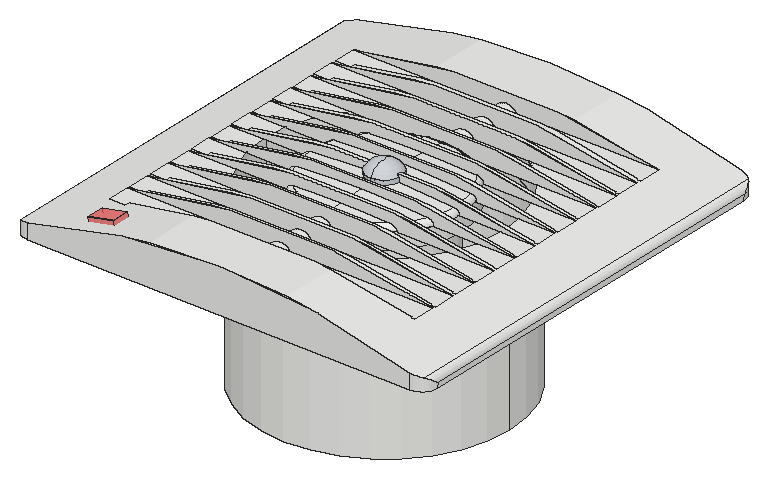
Revit family "NA100", category Mechanical Equipment, Revit 2015
Parameters (values of type "NA100T-12")
  Width = 160 mm
  Weight = 0.42 kg
  Voltage = if(Electrical Phase = 3, 400 V, 230 V)  # 230 V
  Unit Description = "12V Wall Mounted Fan Unit with Run on Timer"
  Spigot Diameter = 100 mm
  Revit Family Last Revised = "31/10/18"  # constant formula
  Quote/Order Location Reference [instance] = ""
  PIR = yes
  OmniClass Title = "Axial Fans"  # constant formula
  OmniClass Number = "23-33 31 19 11"  # constant formula
  Number of Connection Poles = 2
  Nuaire Quote/Order Reference [instance] = ""
  Nuaire Model Code = "NA100T-12"
  Nominal Motor Rating = 11 W
  Manufacturer Name = "Nuaire"  # constant formula
  IFCExportAs = "IfcFanType"  # constant formula
  I&M Manual = "http://www.nuaire.info/iandm/671420.pdf"
  Height = 160 mm
  Full Load Current = 0.1 A
  External Static Pressure [instance] = 0.0 Pa
  Electrical Phase = 1
  Model Drawn by = "Michael Grote"  # constant formula
  Maximum Ambient Temperature = 40 °C
  Depth = 17 mm
  Classification.Uniclass.Pr.Number = "Pr_65_67_29_05"  # constant formula
  Classification.Uniclass.Pr.Description = "Axial flow fans"  # constant formula
  Catalogue Pages = "http://www.nuaire.info/catalogue/Slimaire.pdf"
  Apparent Load = Voltage * Full Load Current  # 23 VA
  URL = "http://www.nuaire.co.uk"
  Warranty Period = "3 Years"
  Weatherproof or Internal Only = "Internal"
  Manufacturer = Manufacturer Name  # "Nuaire"
  Description = Unit Description  # "12V Wall Mounted Fan Unit with Run on Timer"
  Air Flow [instance] = 0.0 L/s
  Address = "Western Industrial Estate, Caerphilly, UK"  # constant formula
  Postcode = "CF83 1NA"  # constant formula
  Telephone Number = "+44(0)2920-858-200"  # constant formula
  Fax Number = "+44(0)2920-858-222"  # constant formula
  Email Address = "info@nuaire.co.uk"  # constant formula
  VAT Registration Number = "877308"  # constant formula
  Model = Nuaire Model Code  # "NA100T-12"
  Spigot Radius = Spigot Diameter / 2  # 50 mm
Types (8, lengths in mm): name | Unit Description | PIR | Number of Connection Poles | Nuaire Model Code | Description | Model
  (no name) | "12V Wall Mounted Fan Unit with Run on Timer" | yes | 2 | "NA100T-12" | "12V Wall Mounted Fan Unit with Run on Timer" | "NA100T-12"
  NA100 | "Wall Mounted Fan Unit" | no | 1 | "NA100" | "Wall Mounted Fan Unit" | "NA100"
  NA100-12 | "12V Wall Mounted Fan Unit" | no | 1 | "NA100-12" | "12V Wall Mounted Fan Unit" | "NA100-12"
  NA100HT | "Wall Mounted Fan Unit with Humidistat and Run on Timer" | no | 1 | "NA100HT" | "Wall Mounted Fan Unit with Humidistat and Run on Timer" | "NA100HT"
  NA100PC | "Wall Mounted Fan Unit with Pull Cord" | no | 1 | "NA100PC" | "Wall Mounted Fan Unit with Pull Cord" | "NA100PC"
  NA100PIR | "Wall Mounted Fan Unit with Integral PIR" | yes | 1 | "NA100PIR" | "Wall Mounted Fan Unit with Integral PIR" | "NA100PIR"
  NA100T | "Wall Mounted Fan Unit with Run on Timer" | yes | 1 | "NA100T" | "Wall Mounted Fan Unit with Run on Timer" | "NA100T"
  NA100T-12 | "12V Wall Mounted Fan Unit with Run on Timer" | yes | 2 | "NA100T-12" | "12V Wall Mounted Fan Unit with Run on Timer" | "NA100T-12"
Reference planes
  plane 1 "Center (Front/Back)": y = 0
  plane 2: z = 0
  plane 3 "Center (Left/Right)": x = 0
  plane 4: x = 80
  plane 5: x = -80
  plane 6: y = 80
  plane 7: y = -80
  plane 8: z = 17
Forms (mm)
  Extrusion 1, solid, material "White Plastic"
    sketch origin (0, 0, 0) x (1, 0, 0) y (0, 1, 0)
      loop
        line (74, 80) -> (-74, 80)
        arc (-74, 80) -> (-78.243, 78.243) -> (-80, 74) r 6
        line (-80, 74) -> (-80, -74)
        arc (-80, -74) -> (-78.243, -78.243) -> (-74, -80) r 6
        line (-74, -80) -> (74, -80)
        arc (74, -80) -> (78.243, -78.243) -> (80, -74) r 6
        line (80, -74) -> (80, 74)
        arc (80, 74) -> (78.243, 78.243) -> (74, 80) r 6
    from 0 to 17
  Extrusion 2, void
    sketch origin (0, 0, 0) x (1, 0, 0) y (0, 0, 1)
      loop
        arc (-77.925, 4.683) -> (0, 17) -> (77.925, 4.683) r 252.654
        arc (77.925, 4.683) -> (79.427, 3.593) -> (80, 1.829) r 3
        line (80, 1.829) -> (82.344, 1.829) -> (82.344, 18.567) -> (-82.656, 18.567) -> (-82.656, 1.829) -> (-80, 1.829)
        arc (-80, 1.829) -> (-79.427, 3.593) -> (-77.925, 4.683) r 3
    from -83.709 to 82.439
  Extrusion 3, void
    sketch origin (0, 0, 0) x (0, 1, 0) y (0, 0, 1)
      loop
        line (59, 10) -> (59, 18.774) -> (50.375, 18.774) -> (50.375, 10) -> (59, 10)
      loop
        line (48.375, 10) -> (48.375, 18.774) -> (39.75, 18.774) -> (39.75, 10) -> (48.375, 10)
      loop
        line (38.5, 10) -> (38.5, 18.774) -> (29.875, 18.774) -> (29.875, 10) -> (38.5, 10)
      loop
        line (28.625, 10) -> (28.625, 18.774) -> (20, 18.774) -> (20, 10) -> (28.625, 10)
      loop
        line (18.75, 10) -> (18.75, 18.774) -> (10.125, 18.774) -> (10.125, 10) -> (18.75, 10)
      loop
        line (8.875, 10) -> (8.875, 18.774) -> (0.25, 18.774) -> (0.25, 10) -> (8.875, 10)
      loop
        line (-1, 10) -> (-1, 18.774) -> (-9.625, 18.774) -> (-9.625, 10) -> (-1, 10)
      loop
        line (-10.875, 10) -> (-10.875, 18.774) -> (-19.5, 18.774) -> (-19.5, 10) -> (-10.875, 10)
      loop
        line (-20.75, 10) -> (-20.75, 18.774) -> (-29.375, 18.774) -> (-29.375, 10) -> (-20.75, 10)
      loop
        line (-30.625, 10) -> (-30.625, 18.774) -> (-39.25, 18.774) -> (-39.25, 10) -> (-30.625, 10)
      loop
        line (-40.5, 10) -> (-40.5, 18.774) -> (-49.125, 18.774) -> (-49.125, 10) -> (-40.5, 10)
      loop
        line (-50.375, 10) -> (-50.375, 18.774) -> (-59, 18.774) -> (-59, 10) -> (-50.375, 10)
    from -60.807 to 61.316
  Revolve 4, solid, material "White Plastic"
    sketch origin (0, 0, 0) x (0, 1, 0) y (0, 0, 1)
      loop
        arc (27.989, 12.256) -> (14.022, 13.563) -> (0, 13.948) r 212.744
        line (0, 13.948) -> (0, 4) -> (29.875, 4) -> (29.875, 10.115)
        arc (29.875, 10.115) -> (29.336, 11.541) -> (27.989, 12.256) r 2.158
      axis (0, 13.948) -> (0, 4)
    angle from 0 to 360
  Extrusion 5, void
    sketch origin (0, 0, 0) x (1, 0, 0) y (0, 1, 0)
      loop
        circle (0, 0) r 46
    from -58 to 10
  Revolve 6, solid, visible <- "PIR"
    sketch origin (0, 0, 0) x (0, 1, 0) y (0, 0, 1)
      loop
        arc (6.5, 15) -> (3.814, 17.913) -> (0, 18.99) r 7.289
        line (0, 18.99) -> (0, 12.808) -> (6.5, 12.808) -> (6.5, 15)
      axis (0, 18.99) -> (0, 12.808)
    angle from 0 to 360
  Extrusion 7, solid, material "White Plastic"
    sketch origin (0, 0, 0) x (1, 0, 0) y (0, 1, 0)
      loop
        circle (0, 0) r 23.419
    from -44.556 to 4
  Extrusion 8, solid, material "White Plastic"
    sketch origin (0, 0, 0) x (1, 0, 0) y (0, 1, 0)
      loop
        circle (0, 0) r 48.5
      loop
        circle (0, 0) r 46.913
    from -58 to 0
  Extrusion 9, solid, material "White Plastic"
    sketch origin (0, 0, -2.058) x (1, 0, 0) y (0, 0, 1)
      loop
        circle (0, 10) r 4.32
    from -59 to 59
  Extrusion 10, solid, material "Red Plastic"
    sketch origin (1.257, 0, 10.081) x (0.978148, 0, 0.207912) y (0, 1, 0)
      loop
        line (-56, -66) -> (-56, -73) -> (-46, -73) -> (-46, -66) -> (-56, -66)
    from 10 to 12.808
Cuts and joins
  Extrusion 2, Extrusion 3, Extrusion 5 cuts Extrusion 1
Dimensions and locks
  equal spacing: plane 5, plane 3 "Center (Left/Right)", plane 4
  "Width": plane 5 to plane 4
  equal spacing: plane 6, plane 1 "Center (Front/Back)", plane 7
  "Height": plane 6 to plane 7
  "Depth": plane 8 to plane 2
  aligned and locked: level to plane 2
Automatic sketch dimensions
  Extrusion 1 sketch curve to plane 5 = 0 mm
  Extrusion 1 sketch curve to plane 6 = 0 mm
  plane 7 to Extrusion 1 sketch curve = 0 mm
  Extrusion 1 sketch curve to plane 4 = 0 mm
  Extrusion 1 sketch curve to plane 7 = 6 mm
  Extrusion 1 sketch curve to plane 5 = 6 mm  (x2)
  Extrusion 1 sketch curve to plane 4 = 6 mm
  plane 5 to Extrusion 2 sketch curve = 0 mm
  Extrusion 2 sketch curve to plane 4 = 0 mm
  level to Extrusion 2 sketch curve = 1.829 mm  (x2)
  Extrusion 2 sketch curve to plane 3 "Center (Left/Right)" = 0 mm
  plane 5 to Extrusion 2 sketch curve = 2.656 mm
  plane 4 to Extrusion 2 sketch curve = 2.344 mm
  Extrusion 2 sketch curve to plane 5 = 2.075 mm
  Extrusion 2 sketch curve to Extrusion 2 sketch curve = 0 mm
  Extrusion 2 sketch curve to Extrusion 2 sketch curve = 3 mm  (x2)
  plane 8 to Extrusion 2 sketch curve = 1.567 mm
  Extrusion 3 sketch curve to plane 8 = 7 mm  (x2)
  Extrusion 3 sketch curve to plane 7 = 21 mm
  plane 8 to Extrusion 3 sketch curve = 1.774 mm  (x11)
  Extrusion 3 sketch curve to Extrusion 3 sketch curve = 8.625 mm  (x11)
  Extrusion 3 sketch curve to Extrusion 3 sketch curve = 1.25 mm  (x9)
  plane 1 "Center (Front/Back)" to Extrusion 3 sketch curve = 1 mm
  Extrusion 3 sketch curve to plane 1 "Center (Front/Back)" = 0.25 mm
  Extrusion 3 sketch curve to Extrusion 3 sketch curve = 2 mm
  Extrusion 3 sketch curve to Extrusion 3 sketch curve = 0 mm  (x11)
  Revolve 4 sketch curve to plane 1 "Center (Front/Back)" = 0 mm  (x2)
  level to Revolve 4 sketch curve = 4 mm
  Revolve 4 sketch curve to plane 1 "Center (Front/Back)" = 29.875 mm
  Revolve 4 sketch curve to plane 1 "Center (Front/Back)" = 1.184 mm
  Revolve 4 sketch curve to Revolve 4 sketch curve = 2.158 mm
  Revolve 4 sketch curve to Revolve 4 sketch curve = 0.272 mm
  Revolve 4 sketch curve to Revolve 4 sketch curve = 0 mm
  Revolve 4 sketch curve to Revolve 4 sketch curve = 6.115 mm
  Revolve 4 sketch curve to level = 2.557 mm
  plane 8 to Revolve 4 sketch curve = 3.831 mm
  plane 1 "Center (Front/Back)" to Extrusion 5 sketch curve = 0 mm
  Extrusion 5 sketch curve to plane 3 "Center (Left/Right)" = 0 mm
  Revolve 6 sketch curve to plane 1 "Center (Front/Back)" = 0 mm  (x2)
  Revolve 6 sketch curve to plane 8 = 4.192 mm
  Revolve 6 sketch curve to plane 1 "Center (Front/Back)" = 6.5 mm
  Revolve 6 sketch curve to plane 8 = 2 mm
  plane 8 to Revolve 6 sketch curve = 1.99 mm
  Revolve 6 sketch curve to Revolve 6 sketch curve = 2.56 mm
  Revolve 6 sketch curve to Revolve 6 sketch curve = 2.115 mm
  plane 1 "Center (Front/Back)" to Extrusion 7 sketch curve = 0 mm
  Extrusion 7 sketch curve to plane 3 "Center (Left/Right)" = 0 mm
  Extrusion 9 sketch curve to plane 3 "Center (Left/Right)" = 0 mm
  level to Extrusion 9 sketch curve = 7.942 mm
  Extrusion 10 sketch curve to plane 7 = 7 mm
  Extrusion 10 sketch curve to plane 7 = 14 mm
  Extrusion 10 sketch curve to Extrusion 10 sketch curve = 10 mm
  Extrusion 8 sketch curve to Extrusion 8 sketch curve = 0 mm  (x2)
  plane 1 "Center (Front/Back)" to Extrusion 8 sketch curve = 0 mm
  Extrusion 8 sketch curve to plane 3 "Center (Left/Right)" = 0 mm
  radius of Extrusion 5 sketch curve = 46 mm
  radius of Extrusion 7 sketch curve = 23.419 mm
  radius of Extrusion 9 sketch curve = 4.32 mm
  radius of Extrusion 8 sketch curve = 48.5 mm
  radius of Extrusion 8 sketch curve = 46.913 mm
Nested families
  nested 1: "label_nuaire_logo" at (38.355, -70.008, 14.215) x (0.9884, 0, -0.1517) z (0.1517, 0, 0.9884), type "label_nuaire_logo"
    with Scale Factor 62.988 mm, Actual Scale 22.046 mm
Connectors
  hvac at (0, 0, -58), driven by "Spigot Radius", driven by "Air Flow"
    settings: on Extrusion 8, index 1, duct flow 0.0 L/s, flow factor 0, pres drop 0.0 Pa, loss coef 0, conn angle 0.00°, conn width 304.8 mm, conn height 304.8 mm, conn diameter 100 mm, duct sys type 3, conn prof type 0, flow config 0, flow direction 2, loss method 0, conn ref index -1, conn util no, is conn primary yes, conn desc "Discharge to Atmosphere"
  electrical at (0, -80, 5.768), driven by "Voltage", driven by "Apparent Load", driven by "Number of Connection Poles"
    settings: on cut or joined group of Extrusion 1, Extrusion 2, Extrusion 3, Extrusion 5, index 2, voltage 230 V, apparent load 23 VA, apparent load phase1 0 VA, apparent load phase2 0 VA, apparent load phase3 0 VA, power factor 1, load classification "Other", number of poles 2, system type 30, power factor state 1, is connector primary yes, connector utility no, sub classification motor no, connector description "Power Supply"
Definition of nested family "label_nuaire_logo"
  Parameters
    Scale Factor [instance] = Scale * 452  # 452 mm
    Scale = 1 mm
    Actual Scale [instance] = Scale Factor * 0.35  # 158.2 mm
  Reference planes
    plane 1 "Center (Front/Back)": y = 0
    plane 2: z = 0
    plane 3 "Center (Left/Right)": x = 0
  Lines and regions (mm)
    reference lines
      curve 1: line (79.1, -32.13, 0) -> (79.1, 30, 0)
      curve 2: line (-79.1, -32.13, 0) -> (-79.1, 30, 0)
  Dimensions and locks
    equal spacing: curve 2, plane 3 "Center (Left/Right)", curve 1
    "Actual Scale": curve 2 to curve 1
    aligned and locked: level to plane 2
  Automatic sketch dimensions
    plane 1 "Center (Front/Back)" to curve 2 = 32.13 mm
    plane 1 "Center (Front/Back)" to curve 1 = 32.13 mm
    curve 2 to plane 1 "Center (Front/Back)" = 30 mm
    curve 1 to plane 1 "Center (Front/Back)" = 30 mm
  Nested families
    nested 1: "logo_stage2" at (10, 0, 0), type "logo_stage2"
  Definition of nested family "logo_stage2"
    Parameters
      Height = 452 mm
    Reference planes
      plane 1 "Center (Front/Back)": y = 0
      plane 2: z = 0
      plane 3 "Center (Left/Right)": x = 0
    Dimensions and locks
      aligned and locked: level to plane 2
    Nested families
      nested 1: "logo_stage1" at (0, 0, 0), type "logo_stage1"
    Definition of nested family "logo_stage1"
      Parameters
        Height = 1300 mm
      Reference planes
        plane 1 "Center (Front/Back)": y = 0
        plane 2: z = 0
        plane 3 "Center (Left/Right)": x = 0
      Lines and regions (mm)
        model lines
          curve 1: arc (7.927, 29.489, 0) -> (-47.363, 58.16, 0) -> (-106.604, 77.382, 0) r 378.77
          curve 2: arc (-106.604, 77.382, 0) -> (-163.216, 86.224, 0) -> (-220.277, 81.007, 0) r 233.393
          curve 3: arc (-246.965, 20.991, 0) -> (-215.043, -15.792, 0) -> (-174.42, -42.657, 0) r 179.785
          curve 4: arc (-174.42, -42.657, 0) -> (-107.072, -70.342, 0) -> (-36.955, -89.99, 0) r 623.693
          curve 5: arc (-36.955, -89.99, 0) -> (-105.996, -69.023, 0) -> (-170.812, -37.319, 0) r 451.207
          curve 6: arc (-170.812, -37.319, 0) -> (-200.304, -16.562, 0) -> (-226.197, 8.542, 0) r 230.474
          curve 7: arc (-206.815, 72.232, 0) -> (-163.659, 78.527, 0) -> (-120.226, 74.571, 0) r 185.468
          curve 8: arc (-120.226, 74.571, 0) -> (-54.126, 57.782, 0) -> (7.927, 29.489, 0) r 381.393
          curve 9: line (-161.219, -24.259, 0) -> (-141.514, -24.259, 0)
          curve 10: line (-141.514, -24.259, 0) -> (-136.798, 0, 0)
          curve 11: arc (-136.798, 0, 0) -> (-133.437, 8.115, 0) -> (-125.322, 11.477, 0) r 11.477
          curve 12: arc (-125.322, 11.477, 0) -> (-118.479, 7.762, 0) -> (-117.869, 0, 0) r 8.158
          curve 13: line (-117.869, 0, 0) -> (-122.146, -24.259, 0)
          curve 14: line (-122.146, -24.259, 0) -> (-102.441, -24.259, 0)
          curve 15: line (-102.441, -24.259, 0) -> (-97.309, 4.849, 0)
          curve 16: arc (-97.309, 4.849, 0) -> (-99.379, 18.095, 0) -> (-110.885, 24.977, 0) r 15.794
          curve 17: arc (-110.885, 24.977, 0) -> (-122.995, 23.787, 0) -> (-133.701, 18.002, 0) r 30.821
          curve 18: line (-133.701, 18.002, 0) -> (-132.598, 24.255, 0)
          curve 19: line (-161.219, -24.259, 0) -> (-152.664, 24.255, 0)
          curve 20: line (-152.664, 24.255, 0) -> (-132.598, 24.255, 0)
          curve 21: line (-80.79, 24.255, 0) -> (-86.175, -3.448, 0)
          curve 22: arc (-86.175, -3.448, 0) -> (-83.467, -16.761, 0) -> (-72.138, -24.259, 0) r 17.751
          curve 23: arc (-72.138, -24.259, 0) -> (-59.938, -25.434, 0) -> (-47.739, -24.259, 0) r 63.934
          curve 24: arc (-47.739, -24.259, 0) -> (-34.611, -17.57, 0) -> (-27.023, -4.941, 0) r 26.727
          curve 25: line (-27.023, -4.941, 0) -> (-21.348, 24.255, 0)
          curve 26: line (-21.348, 24.255, 0) -> (-41.053, 24.255, 0)
          curve 27: line (-41.053, 24.255, 0) -> (-46.093, -1.676, 0)
          curve 28: arc (-46.093, -1.676, 0) -> (-50.186, -8.91, 0) -> (-57.808, -12.224, 0) r 13.097
          curve 29: arc (-57.808, -12.224, 0) -> (-64.693, -9.158, 0) -> (-65.742, -1.695, 0) r 7.773
          curve 30: line (-65.742, -1.695, 0) -> (-61.166, 24.255, 0)
          curve 31: line (-61.166, 24.255, 0) -> (-80.79, 24.255, 0)
          curve 32: arc (31.54, 19.236, 0) -> (16.208, 25.528, 0) -> (0, 22.075, 0) r 28.07
          curve 33: arc (0, 22.075, 0) -> (-10.88, 12.774, 0) -> (-17.338, 0, 0) r 36.434
          curve 34: arc (-17.338, 0, 0) -> (-15.613, -14.796, 0) -> (-4.047, -24.183, 0) r 19.761
          curve 35: arc (-4.047, -24.183, 0) -> (10.741, -24.948, 0) -> (24.166, -18.699, 0) r 30.688
          curve 36: line (24.166, -18.699, 0) -> (23.117, -24.098, 0)
          curve 37: line (23.117, -24.098, 0) -> (43.271, -24.098, 0)
          curve 38: line (43.271, -24.098, 0) -> (51.797, 24.255, 0)
          curve 39: line (51.797, 24.255, 0) -> (32.515, 24.255, 0)
          curve 40: line (32.515, 24.255, 0) -> (31.54, 19.236, 0)
          curve 41: arc (27.176, -3.213, 0) -> (27.314, 5.536, 0) -> (19.984, 10.314, 0) r 9.053
          curve 42: arc (19.984, 10.314, 0) -> (10.965, 8.578, 0) -> (4.044, 2.54, 0) r 17.627
          curve 43: arc (4.044, 2.54, 0) -> (3.437, -5.353, 0) -> (9.873, -9.961, 0) r 8.063
          curve 44: arc (9.873, -9.961, 0) -> (19.716, -9.642, 0) -> (27.176, -3.213, 0) r 14.789
          curve 45: line (64.987, 24.255, 0) -> (85.001, 24.255, 0)
          curve 46: line (85.001, 24.255, 0) -> (76.475, -24.098, 0)
          curve 47: line (76.475, -24.098, 0) -> (56.461, -24.098, 0)
          curve 48: line (56.461, -24.098, 0) -> (64.987, 24.255, 0)
          curve 49: line (97.733, 24.255, 0) -> (117.438, 24.255, 0)
          curve 50: line (117.438, 24.255, 0) -> (116.079, 16.546, 0)
          curve 51: arc (116.079, 16.546, 0) -> (127.306, 23.283, 0) -> (140.3, 24.886, 0) r 31.571
          curve 52: line (140.3, 24.886, 0) -> (137.316, 7.965, 0)
          curve 53: arc (137.316, 7.965, 0) -> (129.144, 9.507, 0) -> (120.972, 7.965, 0) r 22.429
          curve 54: arc (120.972, 7.965, 0) -> (114.704, 2.976, 0) -> (112.337, -4.677, 0) r 13.585
          curve 55: line (112.337, -4.677, 0) -> (108.912, -24.098, 0)
          curve 56: line (108.912, -24.098, 0) -> (89.207, -24.098, 0)
          curve 57: line (89.207, -24.098, 0) -> (97.733, 24.255, 0)
          curve 58: arc (93.618, 47.57, 0) -> (74.854, 53.038, 0) -> (55.359, 51.64, 0) r 55.33
          curve 59: arc (93.618, 47.57, 0) -> (97.282, 41.659, 0) -> (93.618, 35.747, 0) r 6.601
          curve 60: arc (93.618, 35.747, 0) -> (84.065, 32.23, 0) -> (73.978, 30.85, 0) r 47.065
          curve 61: arc (73.978, 30.85, 0) -> (80.846, 32.41, 0) -> (86.601, 36.47, 0) r 18.116
          curve 62: arc (86.601, 36.47, 0) -> (88.036, 41.905, 0) -> (84.218, 46.03, 0) r 5.836
          curve 63: arc (84.218, 46.03, 0) -> (70.224, 51.08, 0) -> (55.359, 51.64, 0) r 48.391
          curve 64: line (157.905, -2.864, 0) -> (199.286, -2.864, 0)
          curve 65: arc (199.286, -2.864, 0) -> (197.145, 14.652, 0) -> (182.34, 24.255, 0) r 20.852
          curve 66: arc (182.34, 24.255, 0) -> (165.366, 23.801, 0) -> (149.457, 17.863, 0) r 51.614
          curve 67: arc (149.457, 17.863, 0) -> (140.348, 5.451, 0) -> (139.348, -9.912, 0) r 27.469
          curve 68: arc (139.348, -9.912, 0) -> (144.958, -19.523, 0) -> (155.103, -24.098, 0) r 18.276
          curve 69: arc (155.103, -24.098, 0) -> (178.591, -23.478, 0) -> (196.981, -8.856, 0) r 37.046
          curve 70: line (196.981, -8.856, 0) -> (178.291, -8.856, 0)
          curve 71: arc (178.291, -8.856, 0) -> (168.439, -13.819, 0) -> (158.586, -8.856, 0) r 12.261
          curve 72: arc (158.586, -8.856, 0) -> (157.442, -5.951, 0) -> (157.905, -2.864, 0) r 6.023
          curve 73: line (199.286, -2.864, 0) -> (157.905, -2.864, 0)
          curve 74: line (159.772, 7.114, 0) -> (183.418, 7.114, 0)
          curve 75: arc (183.418, 7.114, 0) -> (171.595, 14.487, 0) -> (159.772, 7.114, 0) r 13.165
          curve 76: arc (-206.815, 72.232, 0) -> (-234.166, 45.761, 0) -> (-226.197, 8.542, 0) r 39.242
          curve 77: arc (-220.277, 81.007, 0) -> (-248.829, 57.762, 0) -> (-246.965, 20.991, 0) r 40.723
      Dimensions and locks
        aligned and locked: level to plane 2
